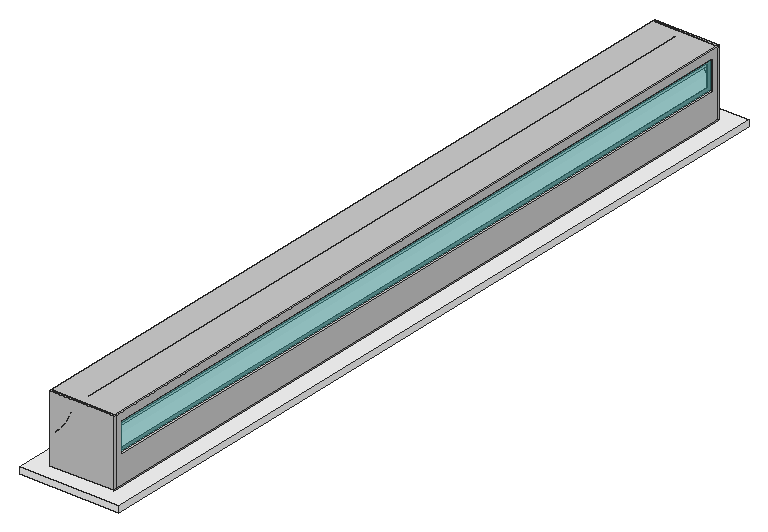
Revit family "BE_24605_de_DE", category Leuchten, Revit 2020
Family settings
  Basisbauteil = Fläche
  Bemaßung runder Anschluss = Durchmesser verwenden
  Teiletyp = Normal
  Beim Laden mit Abzugskörper schneiden = Ja
  Lichtquelle = Ja
  Gemeinsam genutzt = Nein
  Raumberechnungspunkt = Ja
Parameters (values of type "BEGA_24605_Silber_K4")
  built-in parameter 1150104 = 17.595 (stored number, unit not read)
  Wattage = 98 W
  Default Elevation = 0 mm
  built-in parameter 1150113 = 1 (stored number, unit not read)
  built-in parameter 1114218 = 1 (stored number, unit not read)
  Umgebungstemperatur = "25 °C"
  URL = "https://www.bega.com/de/produkt/24605"
  Typenkommentare = "© 2022 BEGA. Wir behalten uns das Recht vor, technische Änderungen ohne vorherige Ankündigung vorzunehmen."  # constant formula
  built-in parameter 1150134 = 12
  built-in parameter 1150109 = 1 (stored number, unit not read)
  Strom = ""
  built-in parameter 1150110 = 1 (stored number, unit not read)
  Spannung = 239.996 V
  Sonderanfertigung = no
  Seriennummer [instance] = "Hier können Sie die eindeutige Seriennummer für das Facility Management eintragen."
  Schutzklasse = "I"
  Schutzart = "IP 65"
  Scheinlast = 0 VA
  Produktdatenblatt = "https://cdn.bega.com/bega/products/24605K3/current/documents/data-sheets/de"
  Oberflächentemperatur = ""
  Neigungswinkel = 0.00°
  Modell = "24605AK4"
  Material_17 = BEGA_Reflektor
  Material_15 = BEGA_Leuchtmedium_matt
  Material_09 = BEGA_Glas_klar
  Material_06 = BEGA_Oberfläche_Edelstahl_gebürstet
  Material_05 = BEGA_Oberfläche_Aluminium Guss
  Material_02 = BEGA_Oberfläche_Silber_matt
  Material_01 [instance] = BEGA_Oberfläche_Grafit_matt
  M_W = no
  M_G = no
  M_A = yes
  Logo = 0
  built-in parameter 1114217 = 1 (stored number, unit not read)
  built-in parameter 1150139 = (empty or 0)
  built-in parameter 1150105 = 1477 (stored number, unit not read)
  built-in parameter 1150114 = 1 (stored number, unit not read)
  Lumens = 18560.2 lm
  built-in parameter 1150115 = 1 (stored number, unit not read)
  Leuchtenlichtstrom = "9270 lm"
  Leuchtenanzahl = ""
  Lebensdauerkriterien = "L70B50 @ 25 °C = 200000 h"
  Lastklassifizierung = Beleuchtung
  built-in parameter 1150112 = 1 (stored number, unit not read)
  Lampenlichtstrom = "18560 lm"
  Lampe = "LED 92.8 W"
  LED_Modulbezeichnung = "8x LED-1204/840"
  built-in parameter 1150142 = (empty or 0)
  Hersteller = "BEGA"  # constant formula
  Halbstreuwinkel = ""
  Gewicht = "11.25 kg"
  Gebrauchslageneinschränkung [instance] = ""
  Frequenz = "0/50-60 Hz"
  Farbwiedergabeindex = "CRI > 80"
  Farbtemperaturverschiebung bei Dämpfen der Lampe = <Keine Auswahl>
  Farbtemperatur = "4000 K"
  Color Filter = 16777215
  built-in parameter 1150133 = 10 (stored number, unit not read)
  Energieeffizienzklasse = "LED A++ - A"
  built-in parameter 1150137 = (empty or 0)
  built-in parameter 1150132 = (empty or 0)
  ENEC = ""
  Dimmbar [instance] = "DALI"
  Datei für fotometrisches Netz = "BE_24605K4.IES"
  CE_Konformität = "ja"
  Bestellnummer = "24605AK4"
  Beschreibung_Sonderanfertigung = "Hier können Sie Informationen zur Sonderanfertigung eintragen."
  Beschreibung = "Wandleuchte"
  built-in parameter 1150106 = 14.77 (stored number, unit not read)
  Befestigungsbohrung = "Ø 7 mm"
  Befestigungsabstand = "1150 mm"
  BEGA_Intern_aus = yes
  BEGA_Intern_an = yes
  BEGA_Intern_Konstruktion = yes
  BEGA_Intern = yes
  BEGA_IES = yes
  BEGA_Dummy = no
  Anschlussleitung = ""
  Anschlussleistung [instance] = "98 W"
  Anschlusskasten = ""
  built-in parameter 1150107 = 4000 (stored number, unit not read)
  built-in parameter 1150102 = (empty or 0)
  built-in parameter 1150138 = (empty or 0)
  Aktualisierung = "2022-05-18T04:00:07"
  Abstand_zur_angestrahlten_Fläche [instance] = ""
  AC/DC = "AC/DC"
Types (4, lengths in mm): name | built-in parameter 1150104 | built-in parameter 1150134 | Modell | M_G | M_A | built-in parameter 1150105 | Lumens | Leuchtenlichtstrom | Lampenlichtstrom | LED_Modulbezeichnung | Farbtemperatur | Datei für fotometrisches Netz | Bestellnummer | built-in parameter 1150106 | built-in parameter 1150107
  BEGA_24605_Grafit_K4 | 17.595 (stored number, unit not read) | 12 | "24605K4" | yes | no | 1477 (stored number, unit not read) | 18560.2 lm | "9270 lm" | "18560 lm" | "8x LED-1204/840" | "4000 K" | "BE_24605K4.IES" | "24605K4" | 14.77 (stored number, unit not read) | 4000 (stored number, unit not read)
  BEGA_24605_Silber_K4 | 17.595 (stored number, unit not read) | 12 | "24605AK4" | no | yes | 1477 (stored number, unit not read) | 18560.2 lm | "9270 lm" | "18560 lm" | "8x LED-1204/840" | "4000 K" | "BE_24605K4.IES" | "24605AK4" | 14.77 (stored number, unit not read) | 4000 (stored number, unit not read)
  BEGA_24605_Silber_K3 | 17.102 (stored number, unit not read) | (empty or 0) | "24605AK3" | no | yes | 1435.6 (stored number, unit not read) | 18039.8 lm | "9010 lm" | "18040 lm" | "8x LED-1204/830" | "3000 K" | "BE_24605K3.IES" | "24605AK3" | 14.356 (stored number, unit not read) | 3000 (stored number, unit not read)
  BEGA_24605_Grafit_K3 | 17.102 (stored number, unit not read) | (empty or 0) | "24605K3" | yes | no | 1435.6 (stored number, unit not read) | 18039.8 lm | "9010 lm" | "18040 lm" | "8x LED-1204/830" | "3000 K" | "BE_24605K3.IES" | "24605K3" | 14.356 (stored number, unit not read) | 3000 (stored number, unit not read)
Reference planes
  plane 1 "Mitte (Vorne/Hinten)": y = 0
  plane 2: z = 0
  plane 3 "Mitte (Links/Rechts)": x = 0
  plane 4 "Links": x = -52.5
  plane 5 "Rechts": x = 52.5
  plane 6 "Unten": y = -615.2
  plane 7 "Oben": y = 615.127
  plane 8 "Vorne": z = 110.782
  plane 9 "Hinten": z = 0
Forms (mm)
  Extrusion 1, solid, material "BEGA_Platte_Weiss"
    sketch origin (0, -1119.2, 0) x (1, 0, 0) y (0, 1, 0)
      loop
        line (-80, 1759.2) -> (-80, 479.2) -> (80, 479.2) -> (80, 1759.2) -> (-80, 1759.2)
    from 0 to -10
  Extrusion 2, solid, material "BEGA_Dummy_matt", visible <- "BEGA_Dummy"
    sketch origin (80.095, -76.023, 0) x (1, 0, 0) y (0, 1, 0)
      loop
        line (-132.595, 691.15) -> (-132.595, -539.177) -> (-27.595, -539.177) -> (-27.595, 691.15) -> (-132.595, 691.15)
    from 0 to 110.782
Dimensions and locks
  plane 1 "Mitte (Vorne/Hinten)" to Extrusion 1 = 640 mm
  aligned and locked: Extrusion 1 to plane 2
  aligned and locked: level to Extrusion 1
Nested families
  nested 1: "BE_24605" at (0, 0, 0), type "BE_24605"
Connectors
  electrical at (0, 0, 0), driven by "Lastklassifizierung", driven by "Spannung", driven by "Scheinlast"
    settings: index 1, voltage 239.996 V, apparent load 0 VA, apparent load phase1 0 VA, apparent load phase2 0 VA, apparent load phase3 0 VA, power factor 1, load classification "Beleuchtung", number of poles 1, system type 31, power factor state 1, is connector primary yes, connector utility no, sub classification motor no, connector description ""
Definition of nested family "BE_24605"
  Parameters (values of type "BE_24605")
    Default Elevation = 1 mm
    URL = "http://www.bega.de/de/produkt"
    Type Comments = "© 2015 BEGA. Wir behalten uns das Recht vor, technische Änderungen ohne vorherige Ankündigung vorzunehmen. "  # constant formula
    Type Image = (empty or 0)
    Material_17 = none
    Material_15 = none
    Material_09 = none
    Material_06 = none
    Material_05 = none
    Material_02 = none
    Material_01 = none
    M_W = yes
    M_G = yes
    M_A = yes
    Länge_Platte = 200 mm  # constant formula
    Höhe_Platte = -10 mm  # constant formula
    Manufacturer = "BEGA"  # constant formula
    Breite_Platte = 1350 mm  # constant formula
  Reference planes
    plane 1 "Mitte (Oben/Unten)": y = 0
    plane 2: z = 0
    plane 3 "Mitte (Links/Rechts)": x = 0
    plane 4: x = -52.4
    plane 5: x = 52.5
    plane 6: z = 110.782
  Forms (mm)
    Extrusion 1, solid, detail levels medium
      sketch origin (0, 0, 0) x (1, 0, 0) y (0, 1, 0)
        loop
          line (-100, 675) -> (-100, -675) -> (100, -675) -> (100, 675) -> (-100, 675)
      from 0 to -10 <- "Höhe_Platte"
    Extrusion 2, solid, material <- "Material_01", visible <- "M_G"
      sketch origin (0, 0, 0) x (1, 0, 0) y (0, 0, 1)
        loop
          arc (-51.5, 110.782) -> (-52.207, 110.489) -> (-52.5, 109.782) r 1
          line (-52.5, 109.782) -> (-52.5, 97.782) -> (-52.5, 48.382) -> (-52.5, 2.782)
          arc (-52.5, 2.782) -> (-52.207, 2.074) -> (-51.5, 1.782) r 1
          line (-51.5, 1.782) -> (-33.514, 1.782) -> (-33.18, 11.348)
          arc (-33.18, 11.348) -> (-31.659, 14.776) -> (-28.183, 16.182) r 5
          line (-28.183, 16.182) -> (28.183, 16.182)
          arc (28.183, 16.182) -> (31.659, 14.776) -> (33.18, 11.348) r 5
          line (33.18, 11.348) -> (33.514, 1.782) -> (51.5, 1.782)
          arc (51.5, 1.782) -> (52.207, 2.074) -> (52.5, 2.782) r 1
          line (52.5, 2.782) -> (52.5, 109.782)
          arc (52.5, 109.782) -> (52.207, 110.489) -> (51.5, 110.782) r 1
          line (51.5, 110.782) -> (-51.5, 110.782)
        loop
          line (-46.5, 49.782) -> (-42.5, 49.782) -> (-12.495, 49.782) -> (-12.495, 103.782) -> (-46.5, 103.782) -> (-46.5, 49.782)
        loop
          line (46.5, 49.782) -> (46.5, 103.782) -> (12.495, 103.782) -> (12.495, 49.782) -> (42.5, 49.782) -> (46.5, 49.782)
      from -612 to 612
    Extrusion 3, solid, material <- "Material_01"
      sketch origin (0, 0, 0) x (1, 0, 0) y (0, 0, 1)
        loop
          line (-28.204, 4.046) -> (-24.895, 0.737)
          arc (-24.895, 0.737) -> (-24.083, 0.192) -> (-23.123, 0) r 2.5
          line (-23.123, 0) -> (23.394, 0)
          arc (23.394, 0) -> (24.354, 0.192) -> (25.166, 0.737) r 2.5
          line (25.166, 0.737) -> (28.476, 4.046)
          arc (28.476, 4.046) -> (28.768, 4.753) -> (28.476, 5.46) r 1
          line (28.476, 5.46) -> (26.436, 7.5) -> (28.476, 9.54)
          arc (28.476, 9.54) -> (28.768, 10.247) -> (28.476, 10.954) r 1
          line (28.476, 10.954) -> (27.773, 11.657)
          arc (27.773, 11.657) -> (27.068, 11.954) -> (26.359, 11.666) r 1
          line (26.359, 11.666) -> (24.372, 9.679)
          arc (24.372, 9.679) -> (23.827, 8.867) -> (23.636, 7.907) r 2.5
          line (23.636, 7.907) -> (23.636, 3.8)
          arc (23.636, 3.8) -> (23.343, 3.093) -> (22.636, 2.8) r 1
          line (22.636, 2.8) -> (15.136, 2.8) -> (-22.364, 2.8)
          arc (-22.364, 2.8) -> (-23.072, 3.093) -> (-23.364, 3.8) r 1
          line (-23.364, 3.8) -> (-23.364, 7.907)
          arc (-23.364, 7.907) -> (-23.555, 8.864) -> (-24.097, 9.675) r 2.5
          line (-24.097, 9.675) -> (-26.088, 11.666)
          arc (-26.088, 11.666) -> (-26.793, 11.954) -> (-27.497, 11.661) r 1
          line (-27.497, 11.661) -> (-28.204, 10.954)
          arc (-28.204, 10.954) -> (-28.497, 10.25) -> (-28.209, 9.544) r 1
          line (-28.209, 9.544) -> (-26.164, 7.5) -> (-28.209, 5.456)
          arc (-28.209, 5.456) -> (-28.497, 4.75) -> (-28.204, 4.046) r 1
      from -605 to 605
    Extrusion 4, void
      sketch origin (0, 0, 0) x (1, 0, 0) y (0, 1, 0)
        loop
          arc (15, 100) -> (0, 115) -> (-15, 100) r 15
          line (-15, 100) -> (-15, -100)
          arc (-15, -100) -> (0, -115) -> (15, -100) r 15
          line (15, -100) -> (15, 100)
        loop
          arc (3.5, -570) -> (0, -566.5) -> (-3.5, -570) r 3.5
          line (-3.5, -570) -> (-3.5, -580)
          arc (-3.5, -580) -> (0, -583.5) -> (3.5, -580) r 3.5
          line (3.5, -580) -> (3.5, -570)
        loop
          line (-5, 571.5) -> (5, 571.5)
          arc (5, 571.5) -> (8.5, 575) -> (5, 578.5) r 3.5
          line (5, 578.5) -> (-5, 578.5)
          arc (-5, 578.5) -> (-8.5, 575) -> (-5, 571.5) r 3.5
      from 0 to 2.8
    Extrusion 5, solid, material <- "Material_09"
      sketch origin (0, 0, 0) x (1, 0, 0) y (0, 0, 1)
        loop
          line (-52.4, 95.782) -> (-52.4, 50.282) -> (-48.4, 50.282) -> (-48.4, 95.782) -> (-52.4, 95.782)
      from -600.614 to 600.614
    Blend 6, void
      base sketch origin (0, 0, 0) x (0, 1, 0) y (0, 0, 1)
        loop
          line (-602, 97.782) -> (-602, 48.382) -> (602, 48.382) -> (602, 97.782) -> (-602, 97.782)
      top sketch origin (0, 0, 0) x (0, 1, 0) y (0, 0, 1)
        loop
          line (600.614, 96.398) -> (-600.614, 96.398) -> (-600.614, 49.765) -> (600.614, 49.765) -> (600.614, 96.398)
      from -52.5 to -48.2
    Extrusion 7, void
      sketch origin (0, 0, 0) x (0, 1, 0) y (0, 0, 1)
        loop
          line (612, 93.398) -> (-612, 93.398) -> (-612, 52.765) -> (612, 52.765) -> (612, 93.398)
      from -48.2 to -46.5
    Extrusion 8, solid, material <- "Material_01", visible <- "M_G"
      sketch origin (0, -300, 0) x (1, 0, 0) y (0, 0, 1)
        loop
          line (51.5, 110.782) -> (-51.5, 110.782)
          arc (-51.5, 110.782) -> (-52.207, 110.489) -> (-52.5, 109.782) r 1
          line (-52.5, 109.782) -> (-52.5, 2.782)
          arc (-52.5, 2.782) -> (-52.207, 2.074) -> (-51.5, 1.782) r 1
          line (-51.5, 1.782) -> (51.5, 1.782)
          arc (51.5, 1.782) -> (52.207, 2.074) -> (52.5, 2.782) r 1
          line (52.5, 2.782) -> (52.5, 109.782)
          arc (52.5, 109.782) -> (52.207, 110.489) -> (51.5, 110.782) r 1
      from 312 to 315.2
    Extrusion 9, solid, material <- "Material_01", visible <- "M_G"
      sketch origin (0, 300, 0) x (1, 0, 0) y (0, 0, -1)
        loop
          arc (51.5, -110.782) -> (52.207, -110.489) -> (52.5, -109.782) r 1
          line (52.5, -109.782) -> (52.5, -2.782)
          arc (52.5, -2.782) -> (52.207, -2.074) -> (51.5, -1.782) r 1
          line (51.5, -1.782) -> (-51.5, -1.782)
          arc (-51.5, -1.782) -> (-52.207, -2.074) -> (-52.5, -2.782) r 1
          line (-52.5, -2.782) -> (-52.5, -109.782)
          arc (-52.5, -109.782) -> (-52.207, -110.489) -> (-51.5, -110.782) r 1
          line (-51.5, -110.782) -> (51.5, -110.782)
      from 312 to 315.127
    Extrusion 10, void
      sketch origin (0, 0, 0) x (0, 1, 0) y (0, 0, 1)
        loop
          circle (589, 7.182) r 2.75
        loop
          circle (-589, 7.182) r 2.75
      from -52.5 to -32.811
    Revolve 11, solid, material <- "Material_06"
      sketch origin (0, -589, 0) x (1, 0, 0) y (0, 0, 1)
        loop
          line (-45, 7.182) -> (-26.5, 7.182) -> (-29.5, 10.182) -> (-45, 10.182) -> (-45, 7.182)
        axis (-26.5, 7.182) -> (-45, 7.182)
      angle from 0 to 360
    Revolve 12, solid, material <- "Material_06"
      sketch origin (0, 589, 0) x (1, 0, 0) y (0, 0, -1)
        loop
          line (-45, -7.182) -> (-45, -10.182) -> (-29.5, -10.182) -> (-26.5, -7.182) -> (-45, -7.182)
        axis (-26.5, -7.182) -> (-45, -7.182)
      angle from 0 to 360
    Extrusion 13, solid, material <- "Material_01"
      sketch origin (0, 0, 0) x (0, 1, 0) y (0, 0, 1)
        loop
          line (596.114, 91.282) -> (-596.114, 91.282) -> (-596.114, 54.782) -> (596.114, 54.782) -> (596.114, 91.282)
        loop
          line (600.614, 95.782) -> (-600.614, 95.782) -> (-600.614, 50.282) -> (600.614, 50.282) -> (600.614, 95.782)
      from -48.4 to -48.2
    Extrusion 14, solid, material <- "Material_17"
      sketch origin (0, 0, 0) x (-1, 0, 0) y (0, 0, -1)
        loop
          line (-16.315, -100.895) -> (-15.695, -100.276)
          arc (-15.695, -100.276) -> (-26.218, -73.671) -> (-45.112, -52.187) r 83.413
          line (-45.112, -52.187) -> (-45.945, -52.144)
          arc (-45.945, -52.144) -> (-26.792, -73.883) -> (-16.315, -100.895) r 82.688
      from -612 to 612
    Extrusion 15, solid, material <- "Material_05"
      sketch origin (0, 0, 0) x (-1, 0, 0) y (0, 0, -1)
        loop
          arc (-43.545, -96.882) -> (-43.892, -96.124) -> (-44.696, -95.87) r 1
          arc (-44.696, -95.87) -> (-45.497, -95.639) -> (-45.845, -94.882) r 1
          line (-45.845, -94.882) -> (-45.845, -92.379) -> (-41.742, -81.053) -> (-39.391, -81.905) -> (-43.495, -93.182) -> (-22.34, -100.882) -> (-18.795, -100.882)
          arc (-18.795, -100.882) -> (-18.442, -100.735) -> (-18.295, -100.382) r 0.5
          line (-18.295, -100.382) -> (-18.295, -99.163)
          arc (-18.295, -99.163) -> (-17.916, -98.696) -> (-17.362, -98.932) r 0.5
          line (-17.362, -98.932) -> (-15.495, -102.165) -> (-15.495, -90.182) -> (-12.495, -90.182) -> (-12.495, -103.682) -> (-41.545, -103.682)
          arc (-41.545, -103.682) -> (-42.959, -103.096) -> (-43.545, -101.682) r 2
          line (-43.545, -101.682) -> (-43.515, -96.965)
      from -612 to 612
    Blend 16, void
      base sketch origin (0, 0, 0) x (0, 1, 0) y (0, 0, 1)
        loop
          line (-602, 97.782) -> (-602, 48.381) -> (602, 48.381) -> (602, 97.782) -> (-602, 97.782)
      top sketch origin (0, 0, 0) x (0, 1, 0) y (0, 0, 1)
        loop
          line (-600.614, 49.763) -> (600.616, 49.768) -> (600.613, 96.396) -> (-600.614, 96.396) -> (-600.614, 49.763)
      from 52.5 to 48.232
    Extrusion 17, void
      sketch origin (0, 0, 0) x (0, 1, 0) y (0, 0, 1)
        loop
          line (-612, 50.782) -> (612, 50.782) -> (612, 95.074) -> (-612, 95.074) -> (-612, 50.782)
      from 46.5 to 48.4
    Extrusion 18, solid, material <- "Material_09"
      sketch origin (0, 0, 0) x (-1, 0, 0) y (0, 0, -1)
        loop
          line (-52.4, -95.782) -> (-48.4, -95.782) -> (-48.4, -50.282) -> (-52.4, -50.282) -> (-52.4, -95.782)
      from -600.614 to 600.614
    Extrusion 19, solid, material <- "Material_01"
      sketch origin (0, 0, 0) x (0, 1, 0) y (0, 0, -1)
        loop
          line (596.169, -91.282) -> (596.169, -54.782) -> (-596.169, -54.782) -> (-596.169, -91.282) -> (596.169, -91.282)
        loop
          line (600.669, -95.782) -> (600.669, -50.282) -> (-600.669, -50.282) -> (-600.669, -95.782) -> (600.669, -95.782)
      from -48.4 to -48.2
    Extrusion 20, solid, material <- "Material_15"
      sketch origin (0, -615.002, 0) x (1, 0, 0) y (0, 0, -1)
        loop
          line (24.171, -98.565) -> (24.701, -100.022) -> (43.026, -93.353) -> (42.495, -91.896) -> (24.171, -98.565)
      from 5.004 to 305
    Extrusion 21, solid, material <- "Material_15"
      sketch origin (0, -310, 0) x (1, 0, 0) y (0, 0, -1)
        loop
          line (24.171, -98.565) -> (24.701, -100.022) -> (43.026, -93.353) -> (42.495, -91.896) -> (24.171, -98.565)
      from 5.004 to 305
    Extrusion 22, solid, material <- "Material_02", visible <- "M_A"
      sketch origin (0, 300, 0) x (1, 0, 0) y (0, 0, -1)
        loop
          arc (51.5, -110.782) -> (52.207, -110.489) -> (52.5, -109.782) r 1
          line (52.5, -109.782) -> (52.5, -2.782)
          arc (52.5, -2.782) -> (52.207, -2.074) -> (51.5, -1.782) r 1
          line (51.5, -1.782) -> (-51.5, -1.782)
          arc (-51.5, -1.782) -> (-52.207, -2.074) -> (-52.5, -2.782) r 1
          line (-52.5, -2.782) -> (-52.5, -109.782)
          arc (-52.5, -109.782) -> (-52.207, -110.489) -> (-51.5, -110.782) r 1
          line (-51.5, -110.782) -> (51.5, -110.782)
      from 312 to 315.127
    Extrusion 23, solid, material <- "Material_02", visible <- "M_A"
      sketch origin (0, 0, 0) x (1, 0, 0) y (0, 0, 1)
        loop
          arc (-51.5, 110.782) -> (-52.207, 110.489) -> (-52.5, 109.782) r 1
          line (-52.5, 109.782) -> (-52.5, 97.782) -> (-52.5, 48.382) -> (-52.5, 2.782)
          arc (-52.5, 2.782) -> (-52.207, 2.074) -> (-51.5, 1.782) r 1
          line (-51.5, 1.782) -> (-33.514, 1.782) -> (-33.18, 11.348)
          arc (-33.18, 11.348) -> (-31.659, 14.776) -> (-28.183, 16.182) r 5
          line (-28.183, 16.182) -> (28.183, 16.182)
          arc (28.183, 16.182) -> (31.659, 14.776) -> (33.18, 11.348) r 5
          line (33.18, 11.348) -> (33.514, 1.782) -> (51.5, 1.782)
          arc (51.5, 1.782) -> (52.207, 2.074) -> (52.5, 2.782) r 1
          line (52.5, 2.782) -> (52.5, 109.782)
          arc (52.5, 109.782) -> (52.207, 110.489) -> (51.5, 110.782) r 1
          line (51.5, 110.782) -> (-51.5, 110.782)
        loop
          line (-46.5, 49.782) -> (-42.5, 49.782) -> (-12.495, 49.782) -> (-12.495, 103.782) -> (-46.5, 103.782) -> (-46.5, 49.782)
        loop
          line (46.5, 49.782) -> (46.5, 103.782) -> (12.495, 103.782) -> (12.495, 49.782) -> (42.5, 49.782) -> (46.5, 49.782)
      from -612 to 612
    Extrusion 24, solid, material <- "Material_02", visible <- "M_A"
      sketch origin (0, -300, 0) x (1, 0, 0) y (0, 0, 1)
        loop
          line (51.5, 110.782) -> (-51.5, 110.782)
          arc (-51.5, 110.782) -> (-52.207, 110.489) -> (-52.5, 109.782) r 1
          line (-52.5, 109.782) -> (-52.5, 2.782)
          arc (-52.5, 2.782) -> (-52.207, 2.074) -> (-51.5, 1.782) r 1
          line (-51.5, 1.782) -> (51.5, 1.782)
          arc (51.5, 1.782) -> (52.207, 2.074) -> (52.5, 2.782) r 1
          line (52.5, 2.782) -> (52.5, 109.782)
          arc (52.5, 109.782) -> (52.207, 110.489) -> (51.5, 110.782) r 1
      from 312 to 315.2
    Extrusion 25, solid, material <- "Material_15"
      sketch origin (0, 310, 0) x (1, 0, 0) y (0, 0, 1)
        loop
          line (24.171, 98.565) -> (42.495, 91.896) -> (43.026, 93.353) -> (24.701, 100.022) -> (24.171, 98.565)
      from 5.004 to 305
    Extrusion 26, solid, material <- "Material_15"
      sketch origin (0, 615.002, 0) x (1, 0, 0) y (0, 0, 1)
        loop
          line (24.171, 98.565) -> (42.495, 91.896) -> (43.026, 93.353) -> (24.701, 100.022) -> (24.171, 98.565)
      from 5.004 to 305
    Extrusion 27, solid, material <- "Material_17"
      sketch origin (0, 0, 0) x (1, 0, 0) y (0, 0, 1)
        loop
          arc (-16.315, 100.895) -> (-26.792, 73.883) -> (-45.945, 52.144) r 82.688
          line (-45.945, 52.144) -> (-45.112, 52.187)
          arc (-45.112, 52.187) -> (-26.218, 73.671) -> (-15.695, 100.276) r 83.413
          line (-15.695, 100.276) -> (-16.315, 100.895)
      from -612 to 612
    Extrusion 28, solid, material <- "Material_05"
      sketch origin (0, 0, 0) x (1, 0, 0) y (0, 0, 1)
        loop
          arc (-43.545, 96.882) -> (-43.892, 96.124) -> (-44.696, 95.87) r 1
          arc (-44.696, 95.87) -> (-45.497, 95.639) -> (-45.845, 94.882) r 1
          line (-45.845, 94.882) -> (-45.845, 92.379) -> (-41.742, 81.053) -> (-39.391, 81.905) -> (-43.495, 93.182) -> (-22.34, 100.882) -> (-18.795, 100.882)
          arc (-18.795, 100.882) -> (-18.442, 100.735) -> (-18.295, 100.382) r 0.5
          line (-18.295, 100.382) -> (-18.295, 99.163)
          arc (-18.295, 99.163) -> (-17.916, 98.696) -> (-17.362, 98.932) r 0.5
          line (-17.362, 98.932) -> (-15.495, 102.165) -> (-15.495, 90.182) -> (-12.495, 90.182) -> (-12.495, 103.682) -> (-41.545, 103.682)
          arc (-41.545, 103.682) -> (-42.959, 103.096) -> (-43.545, 101.682) r 2
          line (-43.545, 101.682) -> (-43.515, 96.965)
      from -612 to 612
    Extrusion 29, solid, material <- "Material_15"
      sketch origin (0, -615.002, 0) x (-1, 0, 0) y (0, 0, 1)
        loop
          line (24.171, 98.565) -> (42.495, 91.896) -> (43.026, 93.353) -> (24.701, 100.022) -> (24.171, 98.565)
      from 5.004 to 305
    Extrusion 30, solid, material <- "Material_15"
      sketch origin (0, -310, 0) x (-1, 0, 0) y (0, 0, 1)
        loop
          line (24.171, 98.565) -> (42.495, 91.896) -> (43.026, 93.353) -> (24.701, 100.022) -> (24.171, 98.565)
      from 5.004 to 305
    Extrusion 31, solid, material <- "Material_15"
      sketch origin (0, 310, 0) x (-1, 0, 0) y (0, 0, -1)
        loop
          line (24.171, -98.565) -> (24.701, -100.022) -> (43.026, -93.353) -> (42.495, -91.896) -> (24.171, -98.565)
      from 5.004 to 305
    Extrusion 32, solid, material <- "Material_15"
      sketch origin (0, 615.002, 0) x (-1, 0, 0) y (0, 0, -1)
        loop
          line (24.171, -98.565) -> (24.701, -100.022) -> (43.026, -93.353) -> (42.495, -91.896) -> (24.171, -98.565)
      from 5.004 to 305
  Cuts and joins
    Extrusion 4, Blend 6, Extrusion 7, Extrusion 10, Blend 16, Extrusion 17 cuts Extrusion 2
    Extrusion 4, Extrusion 10 cuts Extrusion 3
    Blend 16, Extrusion 17 cuts Extrusion 14
    Blend 16, Extrusion 17 cuts Extrusion 15
    Blend 6, Extrusion 7, Extrusion 10, Blend 16, Extrusion 17 cuts Extrusion 23
  Dimensions and locks
    equal spacing: Extrusion 1 sketch curve, plane 3 "Mitte (Links/Rechts)", Extrusion 1 sketch curve
    equal spacing: Extrusion 1 sketch curve, plane 1 "Mitte (Oben/Unten)", Extrusion 1 sketch curve
    "Länge_Platte": Extrusion 1 sketch curve to Extrusion 1 sketch curve
    "Breite_Platte": Extrusion 1 sketch curve to Extrusion 1 sketch curve
    aligned and locked: Extrusion 1 to plane 2
    aligned and locked: level to Extrusion 1
  Automatic sketch dimensions
    Extrusion 2 sketch curve to plane 6 = 0 mm
    Extrusion 2 sketch curve to plane 5 = 0 mm
    Extrusion 2 sketch curve to plane 5 = 1 mm  (x2)
    Extrusion 2 sketch curve to plane 5 = 6 mm
    Extrusion 2 sketch curve to Extrusion 2 sketch curve = 4 mm  (x2)
    level to Extrusion 2 sketch curve = 1.782 mm  (x2)
    Extrusion 2 sketch curve to Extrusion 2 sketch curve = 17.986 mm
    level to Extrusion 2 sketch curve = 11.348 mm  (x2)
    Extrusion 2 sketch curve to Extrusion 2 sketch curve = 0.334 mm  (x2)
    Extrusion 2 sketch curve to Extrusion 2 sketch curve = 4.997 mm  (x2)
    plane 3 "Mitte (Links/Rechts)" to Extrusion 2 sketch curve = 12.495 mm
    Extrusion 2 sketch curve to plane 3 "Mitte (Links/Rechts)" = 12.495 mm
    Extrusion 2 sketch curve to plane 4 = 24.217 mm
    Extrusion 2 sketch curve to plane 4 = 9.9 mm
    Extrusion 2 sketch curve to plane 4 = 0.9 mm  (x2)
    plane 4 to Extrusion 2 sketch curve = 0.1 mm
    Extrusion 2 sketch curve to Extrusion 2 sketch curve = 0.167 mm
    Extrusion 2 sketch curve to Extrusion 2 sketch curve = 32.2 mm
    Extrusion 2 sketch curve to Extrusion 2 sketch curve = 33.6 mm
    Extrusion 2 sketch curve to Extrusion 2 sketch curve = 0 mm
    Extrusion 2 sketch curve to Extrusion 2 sketch curve = 12 mm
    Extrusion 2 sketch curve to plane 6 = 7 mm  (x2)
    Extrusion 3 sketch curve to level = 0 mm
    level to Extrusion 3 sketch curve = 5.456 mm
    Extrusion 3 sketch curve to plane 4 = 24.191 mm
    level to Extrusion 3 sketch curve = 9.544 mm
    Extrusion 3 sketch curve to Extrusion 3 sketch curve = 0 mm  (x10)
    Extrusion 3 sketch curve to Extrusion 3 sketch curve = 0.712 mm  (x4)
    Extrusion 3 sketch curve to Extrusion 3 sketch curve = 0.707 mm  (x9)
    level to Extrusion 3 sketch curve = 11.666 mm  (x2)
    Extrusion 3 sketch curve to Extrusion 3 sketch curve = 0.703 mm  (x5)
    Extrusion 3 sketch curve to Extrusion 3 sketch curve = 0.3 mm  (x2)
    level to Extrusion 3 sketch curve = 0.737 mm  (x2)
    Extrusion 3 sketch curve to Extrusion 3 sketch curve = 2.602 mm
    Extrusion 3 sketch curve to Extrusion 3 sketch curve = 2.5 mm
    Extrusion 3 sketch curve to Extrusion 3 sketch curve = 0.241 mm
    Extrusion 3 sketch curve to Extrusion 3 sketch curve = 1 mm  (x2)
    level to Extrusion 3 sketch curve = 2.8 mm
    plane 3 "Mitte (Links/Rechts)" to Extrusion 3 sketch curve = 15.136 mm
    Extrusion 3 sketch curve to Extrusion 3 sketch curve = 7.5 mm
    Extrusion 3 sketch curve to Extrusion 3 sketch curve = 0.759 mm
    level to Extrusion 3 sketch curve = 9.679 mm
    Extrusion 3 sketch curve to Extrusion 3 sketch curve = 0.737 mm
    Extrusion 3 sketch curve to Extrusion 3 sketch curve = 1.772 mm
    Extrusion 3 sketch curve to Extrusion 3 sketch curve = 1.763 mm
    Extrusion 3 sketch curve to Extrusion 3 sketch curve = 1.986 mm
    level to Extrusion 3 sketch curve = 7.5 mm
    Extrusion 3 sketch curve to Extrusion 3 sketch curve = 1.333 mm
    level to Extrusion 3 sketch curve = 11.657 mm
    Extrusion 3 sketch curve to Extrusion 3 sketch curve = 2.747 mm
    Extrusion 3 sketch curve to Extrusion 3 sketch curve = 2.044 mm
    Extrusion 3 sketch curve to Extrusion 3 sketch curve = 0.407 mm
    level to Extrusion 3 sketch curve = 4.046 mm  (x2)
    level to Extrusion 3 sketch curve = 10.954 mm  (x2)
    level to Extrusion 3 sketch curve = 11.661 mm
    Extrusion 3 sketch curve to Extrusion 3 sketch curve = 0.732 mm
    level to Extrusion 3 sketch curve = 9.675 mm
    level to Extrusion 3 sketch curve = 9.54 mm
    level to Extrusion 3 sketch curve = 5.46 mm
    Extrusion 4 sketch curve to plane 3 "Mitte (Links/Rechts)" = 0 mm  (x2)
    Extrusion 4 sketch curve to Extrusion 4 sketch curve = 3.5 mm  (x2)
    Extrusion 4 sketch curve to plane 3 "Mitte (Links/Rechts)" = 5 mm
    Extrusion 4 sketch curve to Extrusion 4 sketch curve = 15 mm
    plane 3 "Mitte (Links/Rechts)" to Extrusion 4 sketch curve = 5 mm
    plane 1 "Mitte (Oben/Unten)" to Extrusion 4 sketch curve = 580 mm
    Extrusion 4 sketch curve to Extrusion 4 sketch curve = 10 mm
    plane 1 "Mitte (Oben/Unten)" to Extrusion 4 sketch curve = 100 mm
    Extrusion 4 sketch curve to plane 1 "Mitte (Oben/Unten)" = 100 mm
    Extrusion 4 sketch curve to Extrusion 4 sketch curve = 471.5 mm
    Extrusion 4 sketch curve to Extrusion 4 sketch curve = 0 mm
    plane 4 to Extrusion 5 sketch curve = 0 mm
    Extrusion 5 sketch curve to plane 4 = 4 mm
    level to Extrusion 5 sketch curve = 50.282 mm
    Extrusion 5 sketch curve to plane 6 = 15 mm
    level to Blend 6 sketch curve = 48.382 mm
    plane 1 "Mitte (Oben/Unten)" to Blend 6 sketch curve = 602 mm
    Blend 6 sketch curve to plane 1 "Mitte (Oben/Unten)" = 602 mm
    Blend 6 sketch curve to plane 6 = 13 mm
    Blend 6 sketch curve to plane 6 = 14.383 mm
    plane 1 "Mitte (Oben/Unten)" to Blend 6 sketch curve = 600.614 mm
    level to Blend 6 sketch curve = 49.765 mm
    Blend 6 sketch curve to plane 1 "Mitte (Oben/Unten)" = 600.614 mm
    Extrusion 7 sketch curve to plane 6 = 17.383 mm
    plane 1 "Mitte (Oben/Unten)" to Extrusion 7 sketch curve = 612 mm
    level to Extrusion 7 sketch curve = 52.765 mm
    Extrusion 7 sketch curve to plane 1 "Mitte (Oben/Unten)" = 612 mm
    Extrusion 8 sketch curve to plane 6 = 0 mm
    Extrusion 8 sketch curve to plane 5 = 0 mm
    Extrusion 8 sketch curve to plane 5 = 1 mm  (x2)
    Extrusion 8 sketch curve to plane 4 = 0.9 mm  (x2)
    plane 4 to Extrusion 8 sketch curve = 0.1 mm
    level to Extrusion 8 sketch curve = 2.782 mm
    Extrusion 9 sketch curve to plane 6 = 0 mm
    Extrusion 9 sketch curve to plane 5 = 0 mm
    Extrusion 9 sketch curve to plane 5 = 1 mm  (x2)
    Extrusion 9 sketch curve to plane 4 = 0.9 mm  (x2)
    plane 4 to Extrusion 9 sketch curve = 0.1 mm
    level to Extrusion 9 sketch curve = 2.782 mm
    Revolve 11 sketch curve to plane 4 = 7.4 mm
    Revolve 11 sketch curve to Revolve 11 sketch curve = 15.5 mm
    level to Revolve 11 sketch curve = 7.182 mm
    Revolve 11 sketch curve to Revolve 11 sketch curve = 3 mm  (x2)
    Revolve 11 sketch curve to Revolve 11 sketch curve = 2 mm
    Revolve 11 sketch curve to Revolve 11 sketch curve = 1.5 mm
    Revolve 11 sketch curve to Revolve 11 sketch curve = 0 mm
    Revolve 12 sketch curve to plane 4 = 7.4 mm
    Revolve 12 sketch curve to Revolve 12 sketch curve = 15.5 mm
    level to Revolve 12 sketch curve = 7.182 mm
    Revolve 12 sketch curve to Revolve 12 sketch curve = 3 mm  (x2)
    Revolve 12 sketch curve to Revolve 12 sketch curve = 2 mm
    Revolve 12 sketch curve to Revolve 12 sketch curve = 1.5 mm
    Revolve 12 sketch curve to Revolve 12 sketch curve = 0 mm
    level to Extrusion 13 sketch curve = 50.282 mm
    plane 1 "Mitte (Oben/Unten)" to Extrusion 13 sketch curve = 600.614 mm
    Extrusion 13 sketch curve to Extrusion 13 sketch curve = 4.5 mm  (x3)
    level to Extrusion 13 sketch curve = 54.782 mm
    Extrusion 13 sketch curve to plane 1 "Mitte (Oben/Unten)" = 596.114 mm
    Extrusion 13 sketch curve to plane 6 = 19.5 mm
    Extrusion 14 sketch curve to plane 6 = 6.048 mm
    Extrusion 14 sketch curve to plane 5 = 44.953 mm
    Extrusion 14 sketch curve to Extrusion 14 sketch curve = 0.079 mm
    plane 5 to Extrusion 14 sketch curve = 6.555 mm
    Extrusion 14 sketch curve to Extrusion 14 sketch curve = 0.833 mm
    Extrusion 14 sketch curve to plane 3 "Mitte (Links/Rechts)" = 16.315 mm
    plane 6 to Extrusion 14 sketch curve = 10.506 mm
    Extrusion 14 sketch curve to Extrusion 14 sketch curve = 0.619 mm
    Extrusion 14 sketch curve to level = 52.187 mm
    Extrusion 14 sketch curve to Extrusion 14 sketch curve = 0.044 mm
    Extrusion 15 sketch curve to plane 5 = 6.655 mm
    Extrusion 15 sketch curve to Extrusion 15 sketch curve = 1 mm  (x3)
    Extrusion 15 sketch curve to Extrusion 15 sketch curve = 0.3 mm
    Extrusion 15 sketch curve to Extrusion 15 sketch curve = 1.349 mm
    Extrusion 15 sketch curve to plane 5 = 10.758 mm
    Extrusion 15 sketch curve to Extrusion 15 sketch curve = 2 mm  (x2)
    Extrusion 15 sketch curve to Extrusion 15 sketch curve = 2.351 mm
    Extrusion 15 sketch curve to plane 6 = 9.9 mm
    Extrusion 15 sketch curve to Extrusion 15 sketch curve = 19.205 mm
    Extrusion 15 sketch curve to Extrusion 15 sketch curve = 3.544 mm
    Extrusion 15 sketch curve to plane 6 = 10.4 mm
    Extrusion 15 sketch curve to Extrusion 15 sketch curve = 0.5 mm  (x2)
    Extrusion 15 sketch curve to Extrusion 15 sketch curve = 0 mm
    Extrusion 15 sketch curve to plane 6 = 11.85 mm
    Extrusion 15 sketch curve to Extrusion 15 sketch curve = 0.433 mm
    Extrusion 15 sketch curve to Extrusion 15 sketch curve = 2.8 mm
    Extrusion 15 sketch curve to Extrusion 15 sketch curve = 3 mm
    Extrusion 15 sketch curve to plane 6 = 9.1 mm
    Extrusion 15 sketch curve to Extrusion 15 sketch curve = 1.784 mm
    Extrusion 15 sketch curve to Extrusion 15 sketch curve = 0.25 mm
    Extrusion 15 sketch curve to Extrusion 15 sketch curve = 4.8 mm
    Extrusion 15 sketch curve to Extrusion 15 sketch curve = 1.7 mm
    Extrusion 15 sketch curve to Extrusion 15 sketch curve = 0.802 mm
    Extrusion 15 sketch curve to Extrusion 15 sketch curve = 8.75 mm
    Extrusion 15 sketch curve to Extrusion 15 sketch curve = 11.277 mm
    Extrusion 15 sketch curve to Extrusion 15 sketch curve = 0.852 mm
    Extrusion 15 sketch curve to Extrusion 15 sketch curve = 0.148 mm
    Extrusion 15 sketch curve to Extrusion 15 sketch curve = 0.003 mm
    Extrusion 15 sketch curve to Extrusion 15 sketch curve = 0.029 mm
    Extrusion 15 sketch curve to Extrusion 15 sketch curve = 0.083 mm  (x2)
    level to Blend 16 sketch curve = 48.381 mm
    plane 1 "Mitte (Oben/Unten)" to Blend 16 sketch curve = 602 mm
    Blend 16 sketch curve to plane 1 "Mitte (Oben/Unten)" = 602 mm
    Blend 16 sketch curve to plane 6 = 13 mm
    Blend 16 sketch curve to plane 6 = 14.386 mm
    plane 1 "Mitte (Oben/Unten)" to Blend 16 sketch curve = 600.614 mm
    Blend 16 sketch curve to plane 1 "Mitte (Oben/Unten)" = 600.613 mm
    level to Blend 16 sketch curve = 49.768 mm
    Blend 16 sketch curve to Blend 16 sketch curve = 0.003 mm
    Blend 16 sketch curve to Blend 16 sketch curve = 46.632 mm
    Extrusion 17 sketch curve to plane 6 = 15.707 mm
    plane 1 "Mitte (Oben/Unten)" to Extrusion 17 sketch curve = 612 mm
    Extrusion 17 sketch curve to plane 1 "Mitte (Oben/Unten)" = 612 mm
    Extrusion 17 sketch curve to Extrusion 17 sketch curve = 44.293 mm
    plane 5 to Extrusion 18 sketch curve = 0.1 mm
    Extrusion 18 sketch curve to Extrusion 18 sketch curve = 4 mm
    Extrusion 18 sketch curve to level = 50.282 mm
    plane 6 to Extrusion 18 sketch curve = 15 mm
    level to Extrusion 19 sketch curve = 50.282 mm
    plane 1 "Mitte (Oben/Unten)" to Extrusion 19 sketch curve = 600.669 mm
    Extrusion 19 sketch curve to Extrusion 19 sketch curve = 4.5 mm  (x3)
    level to Extrusion 19 sketch curve = 54.782 mm
    Extrusion 19 sketch curve to plane 1 "Mitte (Oben/Unten)" = 596.169 mm
    Extrusion 19 sketch curve to plane 6 = 19.5 mm
    plane 3 "Mitte (Links/Rechts)" to Extrusion 20 sketch curve = 24.171 mm
    Extrusion 20 sketch curve to plane 6 = 10.76 mm
    Extrusion 20 sketch curve to Extrusion 20 sketch curve = 0.53 mm  (x2)
    Extrusion 20 sketch curve to plane 5 = 10.005 mm
    Extrusion 20 sketch curve to Extrusion 20 sketch curve = 1.457 mm  (x2)
    Extrusion 20 sketch curve to plane 6 = 17.429 mm
    plane 3 "Mitte (Links/Rechts)" to Extrusion 21 sketch curve = 24.171 mm
    Extrusion 21 sketch curve to plane 6 = 10.76 mm
    Extrusion 21 sketch curve to Extrusion 21 sketch curve = 0.53 mm  (x2)
    Extrusion 21 sketch curve to plane 5 = 10.005 mm
    Extrusion 21 sketch curve to Extrusion 21 sketch curve = 1.457 mm  (x2)
    Extrusion 21 sketch curve to plane 6 = 17.429 mm
    Extrusion 22 sketch curve to plane 6 = 0 mm
    Extrusion 22 sketch curve to plane 5 = 0 mm
    Extrusion 22 sketch curve to plane 5 = 1 mm  (x2)
    Extrusion 22 sketch curve to plane 4 = 0.9 mm  (x2)
    plane 4 to Extrusion 22 sketch curve = 0.1 mm
    level to Extrusion 22 sketch curve = 2.782 mm
    Extrusion 23 sketch curve to plane 6 = 0 mm
    Extrusion 23 sketch curve to plane 5 = 0 mm
    Extrusion 23 sketch curve to plane 5 = 1 mm  (x2)
    Extrusion 23 sketch curve to plane 5 = 6 mm
    Extrusion 23 sketch curve to Extrusion 23 sketch curve = 4 mm  (x2)
    level to Extrusion 23 sketch curve = 1.782 mm  (x2)
    Extrusion 23 sketch curve to Extrusion 23 sketch curve = 17.986 mm
    level to Extrusion 23 sketch curve = 11.348 mm  (x2)
    Extrusion 23 sketch curve to Extrusion 23 sketch curve = 0.334 mm  (x2)
    Extrusion 23 sketch curve to Extrusion 23 sketch curve = 4.997 mm  (x2)
    plane 3 "Mitte (Links/Rechts)" to Extrusion 23 sketch curve = 12.495 mm
    Extrusion 23 sketch curve to plane 3 "Mitte (Links/Rechts)" = 12.495 mm
    Extrusion 23 sketch curve to plane 4 = 24.217 mm
    Extrusion 23 sketch curve to plane 4 = 9.9 mm
    Extrusion 23 sketch curve to plane 4 = 0.9 mm  (x2)
    plane 4 to Extrusion 23 sketch curve = 0.1 mm
    Extrusion 23 sketch curve to Extrusion 23 sketch curve = 0.167 mm
    Extrusion 23 sketch curve to Extrusion 23 sketch curve = 32.2 mm
    Extrusion 23 sketch curve to Extrusion 23 sketch curve = 33.6 mm
    Extrusion 23 sketch curve to Extrusion 23 sketch curve = 0 mm
    Extrusion 23 sketch curve to Extrusion 23 sketch curve = 12 mm
    Extrusion 23 sketch curve to plane 6 = 7 mm  (x2)
    Extrusion 24 sketch curve to plane 6 = 0 mm
    Extrusion 24 sketch curve to plane 5 = 0 mm
    Extrusion 24 sketch curve to plane 5 = 1 mm  (x2)
    Extrusion 24 sketch curve to plane 4 = 0.9 mm  (x2)
    plane 4 to Extrusion 24 sketch curve = 0.1 mm
    level to Extrusion 24 sketch curve = 2.782 mm
    plane 3 "Mitte (Links/Rechts)" to Extrusion 25 sketch curve = 24.171 mm
    Extrusion 25 sketch curve to plane 6 = 10.76 mm
    Extrusion 25 sketch curve to Extrusion 25 sketch curve = 0.53 mm  (x2)
    Extrusion 25 sketch curve to plane 5 = 10.005 mm
    Extrusion 25 sketch curve to Extrusion 25 sketch curve = 1.457 mm  (x2)
    Extrusion 25 sketch curve to plane 6 = 17.429 mm
    plane 3 "Mitte (Links/Rechts)" to Extrusion 26 sketch curve = 24.171 mm
    Extrusion 26 sketch curve to plane 6 = 10.76 mm
    Extrusion 26 sketch curve to Extrusion 26 sketch curve = 0.53 mm  (x2)
    Extrusion 26 sketch curve to plane 5 = 10.005 mm
    Extrusion 26 sketch curve to Extrusion 26 sketch curve = 1.457 mm  (x2)
    Extrusion 26 sketch curve to plane 6 = 17.429 mm
    plane 6 to Extrusion 27 sketch curve = 6.048 mm
    plane 4 to Extrusion 27 sketch curve = 45.053 mm
    Extrusion 27 sketch curve to Extrusion 27 sketch curve = 0.079 mm
    Extrusion 27 sketch curve to plane 4 = 6.455 mm
    Extrusion 27 sketch curve to Extrusion 27 sketch curve = 0.833 mm
    Extrusion 27 sketch curve to plane 3 "Mitte (Links/Rechts)" = 16.315 mm
    Extrusion 27 sketch curve to plane 6 = 10.506 mm
    Extrusion 27 sketch curve to Extrusion 27 sketch curve = 0.619 mm
    level to Extrusion 27 sketch curve = 52.187 mm
    Extrusion 27 sketch curve to Extrusion 27 sketch curve = 0.044 mm
    Extrusion 28 sketch curve to plane 4 = 6.555 mm
    Extrusion 28 sketch curve to Extrusion 28 sketch curve = 1 mm  (x3)
    Extrusion 28 sketch curve to Extrusion 28 sketch curve = 0.3 mm
    Extrusion 28 sketch curve to Extrusion 28 sketch curve = 1.349 mm
    Extrusion 28 sketch curve to plane 4 = 10.658 mm
    Extrusion 28 sketch curve to Extrusion 28 sketch curve = 2 mm  (x2)
    Extrusion 28 sketch curve to Extrusion 28 sketch curve = 2.351 mm
    Extrusion 28 sketch curve to plane 6 = 9.9 mm
    Extrusion 28 sketch curve to Extrusion 28 sketch curve = 19.205 mm
    Extrusion 28 sketch curve to Extrusion 28 sketch curve = 3.544 mm
    Extrusion 28 sketch curve to plane 6 = 10.4 mm
    Extrusion 28 sketch curve to Extrusion 28 sketch curve = 0.5 mm  (x2)
    Extrusion 28 sketch curve to Extrusion 28 sketch curve = 0 mm
    Extrusion 28 sketch curve to plane 6 = 11.85 mm
    Extrusion 28 sketch curve to Extrusion 28 sketch curve = 0.433 mm
    Extrusion 28 sketch curve to Extrusion 28 sketch curve = 2.8 mm
    Extrusion 28 sketch curve to Extrusion 28 sketch curve = 3 mm
    Extrusion 28 sketch curve to plane 6 = 13.9 mm
    Extrusion 28 sketch curve to Extrusion 28 sketch curve = 1.7 mm
    Extrusion 28 sketch curve to Extrusion 28 sketch curve = 0.802 mm
    Extrusion 28 sketch curve to Extrusion 28 sketch curve = 8.75 mm
    Extrusion 28 sketch curve to Extrusion 28 sketch curve = 11.277 mm
    Extrusion 28 sketch curve to Extrusion 28 sketch curve = 0.852 mm
    Extrusion 28 sketch curve to Extrusion 28 sketch curve = 0.232 mm
    Extrusion 28 sketch curve to Extrusion 28 sketch curve = 4.8 mm
    Extrusion 28 sketch curve to Extrusion 28 sketch curve = 1.784 mm
    Extrusion 28 sketch curve to Extrusion 28 sketch curve = 0.148 mm
    Extrusion 28 sketch curve to Extrusion 28 sketch curve = 0.003 mm
    Extrusion 28 sketch curve to Extrusion 28 sketch curve = 0.029 mm
    Extrusion 28 sketch curve to Extrusion 28 sketch curve = 0.083 mm  (x2)
    Extrusion 29 sketch curve to plane 3 "Mitte (Links/Rechts)" = 24.171 mm
    Extrusion 29 sketch curve to plane 6 = 10.76 mm
    Extrusion 29 sketch curve to Extrusion 29 sketch curve = 0.53 mm  (x2)
    Extrusion 29 sketch curve to plane 4 = 9.905 mm
    Extrusion 29 sketch curve to Extrusion 29 sketch curve = 1.457 mm  (x2)
    Extrusion 29 sketch curve to plane 6 = 17.429 mm
    Extrusion 30 sketch curve to plane 3 "Mitte (Links/Rechts)" = 24.171 mm
    Extrusion 30 sketch curve to plane 6 = 10.76 mm
    Extrusion 30 sketch curve to Extrusion 30 sketch curve = 0.53 mm  (x2)
    Extrusion 30 sketch curve to plane 4 = 9.905 mm
    Extrusion 30 sketch curve to Extrusion 30 sketch curve = 1.457 mm  (x2)
    Extrusion 30 sketch curve to plane 6 = 17.429 mm
    Extrusion 31 sketch curve to plane 3 "Mitte (Links/Rechts)" = 24.171 mm
    Extrusion 31 sketch curve to plane 6 = 10.76 mm
    Extrusion 31 sketch curve to Extrusion 31 sketch curve = 0.53 mm  (x2)
    Extrusion 31 sketch curve to plane 4 = 9.905 mm
    Extrusion 31 sketch curve to Extrusion 31 sketch curve = 1.457 mm  (x2)
    Extrusion 31 sketch curve to plane 6 = 17.429 mm
    Extrusion 32 sketch curve to plane 3 "Mitte (Links/Rechts)" = 24.171 mm
    Extrusion 32 sketch curve to plane 6 = 10.76 mm
    Extrusion 32 sketch curve to Extrusion 32 sketch curve = 0.53 mm  (x2)
    Extrusion 32 sketch curve to plane 4 = 9.905 mm
    Extrusion 32 sketch curve to Extrusion 32 sketch curve = 1.457 mm  (x2)
    Extrusion 32 sketch curve to plane 6 = 17.429 mm
